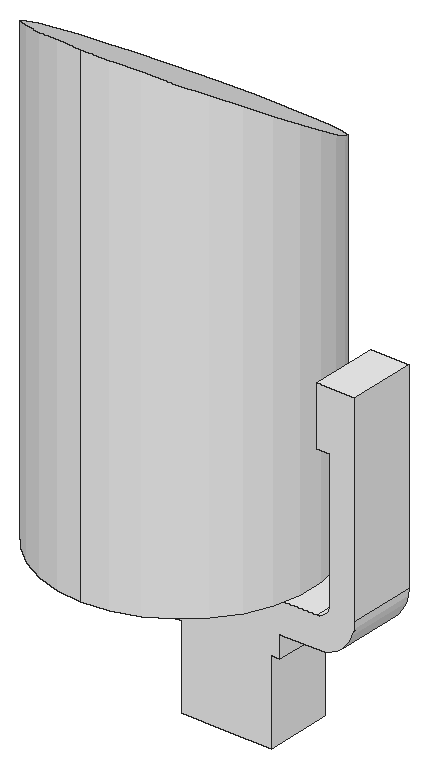
Revit family "Lighting-Accent-Amerlux-SPEQ-M-KWW", category Lighting Fixtures, host Face, Revit 2020
Family settings
  Host = Face
  Round Connector Dimension = Use Diameter
  Part Type = Normal
  Cut with Voids When Loaded = No
  Light Source = No
  Shared = No
  Room Calculation Point = No
Parameters (values of type "SPEQ")
  Width = 2 3/4"
  Voltage = 0 V
  Power Factor = 1
  Number of Poles = 1
  Material = Silver Finish
  Lamp = "LED"
  Input Wattage = ""
  URL = "http://www.amerlux.com"
  Model = "SPEQ-M-KWW"
  Manufacturer = "Amerlux"
  Keynote = ""
  Finish = ""
  Description = "Accent Lighting"
  Default Elevation = 48"
  Assembly Code = ""
  Apparent Load = 0 VA
Reference planes (in)
  plane 1 "Center (Front/Back)": y = 2.0081
  plane 2: z = -2.06381
  plane 3 "Center (Left/Right)": x = 0.98464
  plane 4: z = 4.16021
  plane 5: x = -0.39036
  plane 6: x = 2.35964
  plane 7: y = 3.3831
  plane 8: y = 0.6331
  plane 9: z = 4.66021
Forms (in)
  Extrusion 1, solid, material "Silver Finish" <- "Material"
    sketch origin (-1.09309, 2.57314, 2.04461) x (-1, 0, 0) y (0, 0, 1)
      loop
        line (-3.95896, 3.13113) -> (-3.95896, 0.09375)
        arc (-3.95896, 0.09375) -> (-3.79029, -0.31344) -> (-3.3831, -0.48211) r 0.57586
        line (-3.3831, -0.48211) -> (-2.82773, -0.48211) -> (-2.82773, -0.81162) -> (-2.69848, -0.81162) -> (-2.69848, -2.06381) -> (-2.0081, -2.06381) -> (-1.34137, -2.06381) -> (-1.34137, -0.81162) -> (-1.18551, -0.81162) -> (-1.18551, -0.01296) -> (-1.99142, -0.01296) -> (-3.3831, -0.01296)
        arc (-3.3831, -0.01296) -> (-3.51993, 0.04372) -> (-3.57661, 0.18055) r 0.19351
        line (-3.57661, 0.18055) -> (-3.57661, 2.23712) -> (-3.3831, 2.23712) -> (-3.3831, 3.13113) -> (-3.95896, 3.13113)
    from -1.0754 to -0.06505
Dimensions and locks (in)
  equal spacing: plane 6, plane 3 "Center (Left/Right)", plane 5
  "Width": plane 6 to plane 5
  equal spacing: plane 7, plane 1 "Center (Front/Back)", plane 8
  "Width": plane 7 to plane 8
  locked: plane 9 to level at 4.66021
  locked: plane 4 to level at 4.16021
  aligned and locked: plane 2 to host face
Automatic sketch dimensions
  host sketch curve to host sketch curve = 21.49768"
  host sketch curve to host sketch curve = 12.39607"
  plane 6 to Extrusion 1 sketch curve = 0.50623"
  plane 6 to Extrusion 1 sketch curve = 0.12388"
  Extrusion 1 sketch curve to Extrusion 1 sketch curve = 0.19351"  (x2)
  Extrusion 1 sketch curve to Extrusion 1 sketch curve = 0"
  Extrusion 1 sketch curve to plane 3 "Center (Left/Right)" = 3/4"
  Extrusion 1 sketch curve to plane 3 "Center (Left/Right)" = 0.62075"
  Extrusion 1 sketch curve to level = 0.0192"
  plane 3 "Center (Left/Right)" to Extrusion 1 sketch curve = 0.06963"
  plane 3 "Center (Left/Right)" to Extrusion 1 sketch curve = 0.08631"
  plane 5 to Extrusion 1 sketch curve = 0.63864"
  plane 5 to Extrusion 1 sketch curve = 0.48279"
  level to Extrusion 1 sketch curve = 1.23299"  (x2)
  Extrusion 1 sketch curve to Extrusion 1 sketch curve = 0.32951"
  Extrusion 1 sketch curve to Extrusion 1 sketch curve = 0.10671"
  plane 4 to Extrusion 1 sketch curve = 0.12152"
  plane 9 to Extrusion 1 sketch curve = 0.51553"
Nested families (in)
  nested 1: "Track Head" at (0.29714, 2.5081, 6.125) x (-1, 0, 0) z (0, 1, 0), type "Track Head"
Connectors (in)
  electrical at (1.2602, 2.00292, -0.0192), driven by "Number of Poles", driven by "Voltage", driven by "Apparent Load", driven by "Power Factor"
    settings: on Extrusion 1, index 1, voltage 0 V, apparent load 0 VA, apparent load phase1 0 VA, apparent load phase2 0 VA, apparent load phase3 0 VA, power factor 1, load classification "Other", number of poles 1, system type 31, power factor state 1, is connector primary yes, connector utility no, sub classification motor no, connector description ""
Definition of nested family "Track Head"
  Parameters (values of type "Track Head")
    Wattage = 9.2903 W
    built-in parameter 1150110 = 1 (stored number, unit not read)
    built-in parameter 1114217 = 1 (stored number, unit not read)
    Tilt Angle = 90.00°
    built-in parameter 1150109 = 1 (stored number, unit not read)
    built-in parameter 1150134 = 3
    built-in parameter 1150113 = 1 (stored number, unit not read)
    Photometric Web File = "Load File"
    built-in parameter 1150142 = (empty or 0)
    built-in parameter 1150105 = 109.82 (stored number, unit not read)
    Lumens = 1380 lm
    built-in parameter 1150115 = 1 (stored number, unit not read)
    built-in parameter 1150137 = (empty or 0)
    built-in parameter 1150139 = (empty or 0)
    Length = 7 1/2"
    Material = none
    built-in parameter 1150112 = 1 (stored number, unit not read)
    built-in parameter 1150114 = 1 (stored number, unit not read)
    built-in parameter 1150132 = (empty or 0)
    built-in parameter 1150102 = (empty or 0)
    built-in parameter 1150107 = 3200 (stored number, unit not read)
    built-in parameter 1150138 = (empty or 0)
    built-in parameter 1150106 = 1.0982 (stored number, unit not read)
    Emit from Circle Diameter = 3 1/2"
    Emit Shape Visible in Rendering = no
    built-in parameter 1150104 = 13.8 (stored number, unit not read)
    Dimming Lamp Color Temperature Shift = (empty or 0)
    Default Elevation = 48"
    Color Filter = 16777215
    built-in parameter 1114218 = 1 (stored number, unit not read)
    built-in parameter 1150133 = 10 (stored number, unit not read)
    Assembly Code = ""
  Reference planes (in)
    plane 1 "Center (Front/Back)": y = 0
    plane 2: z = 0
    plane 3 "Center (Left/Right)": x = 0
    plane 4: z = -0.62068
    plane 5: y = 3.75
    plane 6: y = -3.75
    plane 7: y = 1.25
    plane 8: z = -2.97734
    plane 9: z = 0.89766
  Forms (in)
    Extrusion 1, solid
      sketch origin (0, 0, 0) x (1, 0, 0) y (0, 1, 0)
        loop
          line (-48, 48) -> (-48, -48) -> (48, -48) -> (48, 48) -> (-48, 48)
      from 0 to -0.80444
    Revolve 2, solid, material <- "Material"
      sketch origin (0, 0, -3.25) x (0, 1, 0) y (0, 0, 1)
        loop
          line (-3.75, 4.14766) -> (-3.75, 2.21016) -> (3.72392, 2.21016) -> (3.72392, 4.14766) -> (-3.75, 4.14766)
        axis (-3.75, 2.21016) -> (3.72392, 2.21016)
      angle from 0 to 360
    Extrusion 3, void
      sketch origin (0, 1.1875, -0.8125) x (0, 1, 0) y (0, 0, 1)
        loop
          line (2.5625, -2.20566) -> (2.5625, 1.77266) -> (0.02077, 1.77266) -> (2.5625, -2.20566)
      from -2.56993 to 2.46201
  Cuts and joins
    Extrusion 3 cuts Revolve 2
  Dimensions and locks (in)
    equal spacing: plane 5, plane 1 "Center (Front/Back)", plane 6
    "Length": plane 5 to plane 6
    plane 7 to plane 6 = 5"
    plane 9 to plane 8 = 3 7/8"
    aligned and locked: plane 2 to Extrusion 1
    aligned and locked: level to Extrusion 1
    aligned and locked: Revolve 2 sketch curve to Revolve 2 sketch curve
  Automatic sketch dimensions
    Extrusion 1 sketch curve to Extrusion 1 sketch curve = 96"  (x2)
    Revolve 2 sketch curve to plane 6 = 0"
    plane 5 to Revolve 2 sketch curve = 0.02608"
    Revolve 2 sketch curve to plane 4 = 0.41916"
    Revolve 2 sketch curve to Revolve 2 sketch curve = 5.73878"
    Revolve 2 sketch curve to Revolve 2 sketch curve = 7.04742"
    level to Revolve 2 sketch curve = 0.89766"
    Extrusion 3 sketch curve to plane 8 = 0.04082"
    Extrusion 3 sketch curve to plane 5 = 0"
    plane 7 to Extrusion 3 sketch curve = 0.04173"
    plane 9 to Extrusion 3 sketch curve = 1/16"
